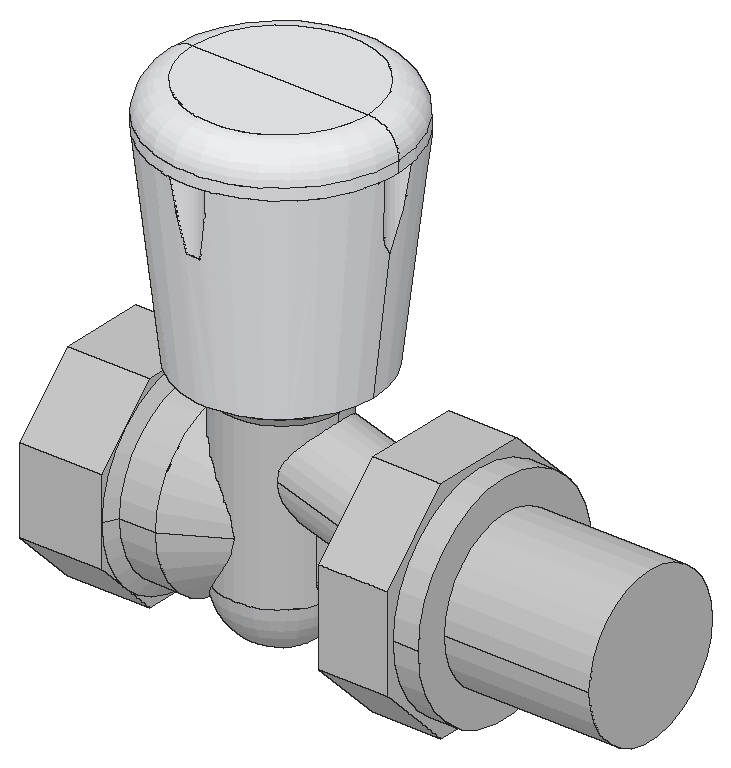
Revit family "PA_Арматура трубопроводов [клапан регулирующий прямой, VT.018.N]1 - VALTEC", category Арматура трубопроводов, Revit 2018
Family settings
  Размер круглого соединителя = Использовать диаметр
  Тип детали = Вставляется
  На основе рабочей плоскости = Нет
  Всегда вертикально = Да
  При загрузке вырезать с полостями = Нет
  Общий = Нет
Parameters (values of type "VT.018.N")
  Таблица 2 = "PA_Арматура трубопроводов [клапан регулирующий прямой, VT.018.N] - VALTEC - Таблица 2"  # constant formula
  Таблица 1 = "PA_Арматура трубопроводов [клапан регулирующий прямой, VT.018.N] - VALTEC - Таблица 1"  # constant formula
  Материал доп.1 = Пластик белый - VALTEC
  Изготовитель = "VALTEC"  # constant formula
  d9 [instance] = size_lookup(Таблица 1, "d9", 0 mm, d)  # 15.2 mm
  d8 [instance] = size_lookup(Таблица 1, "d8", 0 mm, d)  # 20.1 mm
  d7 [instance] = size_lookup(Таблица 1, "d7", 0 mm, d)  # 28.4 mm
  d6 [instance] = size_lookup(Таблица 1, "d6", 0 mm, d)  # 30 mm
  d11 [instance] = size_lookup(Таблица 1, "d11", 0 mm, d)  # 12.4 mm
  d10 [instance] = size_lookup(Таблица 1, "d10", 0 mm, d)  # 17.4 mm
  b4 [instance] = size_lookup(Таблица 1, "b4", 0 mm, d)  # 2.1 mm
  b3 [instance] = size_lookup(Таблица 1, "b3", 0 mm, d)  # 1.3 mm
  a9 [instance] = size_lookup(Таблица 1, "a9", 0 mm, d)  # 3.4 mm
  a8 [instance] = size_lookup(Таблица 1, "a8", 0 mm, d)  # 9 mm
  a7 [instance] = size_lookup(Таблица 1, "a7", 0 mm, d)  # 1 mm
  a6 [instance] = size_lookup(Таблица 1, "a6", 0 mm, d)  # 5.4 mm
  a5 [instance] = size_lookup(Таблица 1, "a5", 0 mm, d)  # 10.6 mm
  a4 [instance] = size_lookup(Таблица 1, "a4", 0 mm, d)  # 7.1 mm
  b2 [instance] = size_lookup(Таблица 1, "b2", 0 mm, d)  # 14.2 mm
  d5 [instance] = size_lookup(Таблица 1, "d5", 0 mm, d)  # 23.4 mm
  d4 [instance] = size_lookup(Таблица 1, "d4", 0 mm, d)  # 2.8 mm
  d3 [instance] = size_lookup(Таблица 1, "d3", 0 mm, d)  # 15.1 mm
  d2 [instance] = size_lookup(Таблица 1, "d2", 0 mm, d)  # 23.4 mm
  d1 [instance] = size_lookup(Таблица 1, "d1", 0 mm, d)  # 26.9 mm
  d [instance] = 15 mm
  b1 [instance] = size_lookup(Таблица 1, "b1", 0 mm, d)  # 7.6 mm
  a3 [instance] = size_lookup(Таблица 1, "a3", 0 mm, d)  # 4.8 mm
  a2 [instance] = size_lookup(Таблица 1, "a2", 0 mm, d)  # 0.9 mm
  a11 [instance] = size_lookup(Таблица 1, "a11", 0 mm, d)  # 15.2 mm
  a10 [instance] = size_lookup(Таблица 1, "a10", 0 mm, d)  # 3.9 mm
  a1 [instance] = size_lookup(Таблица 1, "a1", 0 mm, d)  # 10.7 mm
  URL = "https://valtec.ru/"
  ADSK_Расход жидкости [instance] = 0.0 L/s
  ADSK_Примечание [instance] = ""
  ADSK_Потеря давления жидкости [instance] = 0.0 Pa
  ADSK_Позиция [instance] = ""
  ADSK_Обозначение [instance] = "VT.018.N"  # constant formula
  ADSK_Наименование [instance] = size_lookup(Таблица 1, "", "Данный типоразмер отсутствует", d)  # "Клапан регулирующий прямой, 1/2\""
  ADSK_Материал = Сталь, нержавеющая - VALTEC
  ADSK_Масса [instance] = if(d = 15 mm, 0.209, 0)  # 0.209
  ADSK_Марка [instance] = size_lookup(Таблица 2, "", "Данный типоразмер отсутствует", d)  # "VT.018.N.04"
  ADSK_Код изделия [instance] = size_lookup(Таблица 2, "", "Данный типоразмер отсутствует", d)  # "VT.018.N.04"
  ADSK_Завод-изготовитель [instance] = Изготовитель  # "VALTEC"
  ADSK_Единица измерения [instance] = "шт."  # constant formula
  ADSK_URL страницы изделия = "https://valtec.ru/catalog/radiatornaya_armatura/ruchnye_klapany_dlya_radiatorov/klapan_reguliruyushij_pryamoj_vt018n.html"
  ADSK_URL документации изделия = "https://valtec.ru/document/technical/VT.017-018-0117.pdf"
  3434 [instance] = 17.00°
Reference planes
  plane 1 "По центру (Вперед/Назад)": y = 0
  plane 2: z = 0
  plane 3 "По центру (Влево/Вправо)": x = 0
  plane 4: x = 10.6
  plane 5: z = 50
  plane 6: z = -15
  plane 7: x = 16
  plane 8: x = 17
  plane 9: x = 26
  plane 10: x = 29.4
  plane 11: x = 33.3
  plane 12: y = 50
  plane 13: x = -12.8
  plane 14: x = -23.5
  plane 15: x = -11.9
  plane 16: x = -7.1
  plane 17: x = 48.5
  plane 18: z = -7.6
  plane 19: z = 14.2
  plane 20: z = 15.5
  plane 21: z = 17.6
  plane 22: x = -7.6
  plane 23: x = 7.6
  plane 24: y = 3
  plane 25: y = -3
  plane 26: z = 3.79
Forms (mm)
  Blend 1, solid, material "Сталь, нержавеющая - VALTEC" <- "ADSK_Материал", detail levels medium+fine
    base sketch origin (0, 0, 0) x (0, 1, 0) y (0, 0, 1)
      loop
        circle (0, 0) r 13.45
    top sketch origin (0, 0, 0) x (0, 1, 0) y (0, 0, 1)
      loop
        circle (0, 0) r 11.7
    from -12.8 to -11.9
  Extrusion 2, solid, material "Сталь, нержавеющая - VALTEC" <- "ADSK_Материал", detail levels medium+fine
    sketch origin (0, 0, 0) x (0, 1, 0) y (0, 0, 1)
      loop
        circle (0, 0) r 11.7
    from -7.1 to -11.9
  Blend 3, solid, material "Сталь, нержавеющая - VALTEC" <- "ADSK_Материал", detail levels medium+fine
    base sketch origin (0, 0, 0) x (0, 1, 0) y (0, 0, 1)
      loop
        circle (0, 0) r 11.7
    top sketch origin (0, 0, 0) x (0, 1, 0) y (0, 0, 1)
      loop
        circle (0, 0) r 7.55
    from -7.1 to 0
  Blend 4, solid, material "Сталь, нержавеющая - VALTEC" <- "ADSK_Материал", detail levels medium+fine
    base sketch origin (0, 0, 0) x (0, 1, 0) y (0, 0, 1)
      loop
        circle (0, 0) r 1.4
    top sketch origin (0, 0, 0) x (0, 1, 0) y (0, 0, 1)
      loop
        circle (0, 0) r 11.7
    from 10.6 to 16
  Extrusion 5, solid, material "Сталь, нержавеющая - VALTEC" <- "ADSK_Материал", detail levels medium+fine
    sketch origin (0, 0, 0) x (0, 1, 0) y (0, 0, 1)
      loop
        circle (0, 0) r 11.7
    from 16 to 17
  Extrusion 6, solid, material "Сталь, нержавеющая - VALTEC" <- "ADSK_Материал", detail levels medium+fine
    sketch origin (0, 0, 0) x (0, 1, 0) y (0, 0, 1)
      loop
        circle (0, 0) r 14.2
    from 26 to 29.4
  Extrusion 7, solid, material "Сталь, нержавеющая - VALTEC" <- "ADSK_Материал", detail levels medium+fine
    sketch origin (0, 0, 0) x (0, 1, 0) y (0, 0, 1)
      loop
        circle (0, 0) r 10.05
    from 29.4 to 48.5
  Blend 8, solid, material "Сталь, нержавеющая - VALTEC" <- "ADSK_Материал", detail levels medium+fine
    base sketch origin (0, 0, 0) x (1, 0, 0) y (0, 1, 0)
      loop
        circle (0, 0) r 7.6
    top sketch origin (0, 0, 0) x (1, 0, 0) y (0, 1, 0)
      loop
        circle (0, 0) r 8.7
    from 14.2 to 15.5
  Extrusion 9, solid, material "Сталь, нержавеющая - VALTEC" <- "ADSK_Материал", detail levels medium+fine
    sketch origin (0, 0, 0) x (1, 0, 0) y (0, 1, 0)
      loop
        circle (0, 0) r 8.7
    from 15.5 to 17.6
  Revolve 10, solid, material "Сталь, нержавеющая - VALTEC" <- "ADSK_Материал", detail levels medium+fine
    sketch origin (0, 0, 0) x (1, 0, 0) y (0, 0, 1)
      loop
        arc (-7.6, -7.4) -> (-5.374, -12.774) -> (0, -15) r 7.6
        line (0, -15) -> (0, 14.2) -> (-7.6, 14.2) -> (-7.6, -7.4)
      axis (0, 14.2) -> (0, -15)
    angle from 0 to 360
  Extrusion 11, solid, material "Сталь, нержавеющая - VALTEC" <- "ADSK_Материал", detail levels medium+fine
    sketch origin (0, 0, 0) x (0, 1, 0) y (0, 0, 1)
      loop
        line (3, -4.579) -> (3, 3.79) -> (-3, 3.79) -> (-3, -4.579)
        arc (-3, -4.579) -> (0, -7.579) -> (3, -4.579) r 3
    from 0 to 16
  Extrusion 12, solid, material "Сталь, нержавеющая - VALTEC" <- "ADSK_Материал", detail levels medium+fine
    sketch origin (-36.676, 0, 20.201) x (0, -1, 0) y (0.292372, 0, 0.956305)
      loop
        circle (0, 0) r 6.2
    from -53.897 to -42.3
Cuts and joins
  joined: Blend 1, Extrusion 2, Blend 3, Blend 4, Extrusion 5, Extrusion 6, Extrusion 7, Blend 8, Extrusion 9, Revolve 10, Extrusion 11, Extrusion 12
Lines and regions (mm)
  reference lines
    curve 1: line (-23.5, 0, 0) -> (33.3, 0, 0)
  symbolic lines, detail levels coarse
    curve 2: line (-23.5, 0, 15) -> (33.3, 0, -15)
    curve 3: line (33.3, 0, 15) -> (-23.5, 0, -15)
    curve 4: line (4.9, 0, 0) -> (4.9, 0, 50)
    curve 5: line (4.9, 0, 0) -> (-5.1, 0, 17.321)
    curve 6: line (4.9, 0, 0) -> (14.9, 0, 17.321)
    curve 7: line (-23.5, 0, -15) -> (-23.5, 0, 15)
    curve 8: line (33.3, 0, -15) -> (33.3, 0, 15)
  model lines, detail levels coarse
    curve 9: line (-23.5, -15, 0) -> (-23.5, 15, 0)
    curve 10: line (33.3, -15, 0) -> (33.3, 15, 0)
    curve 11: line (33.3, -15, 0) -> (-23.5, 15, 0)
    curve 12: line (33.3, 15, 0) -> (-23.5, -15, 0)
    curve 13: line (4.9, 0, 0) -> (4.9, 50, 0)
    curve 14: line (4.9, 0, 0) -> (-5.1, 17.321, 0)
    curve 15: line (4.9, 0, 0) -> (14.9, 17.321, 0)
  model lines
    curve 16: line (33.3, 0, 0) -> (48.5, 0, 0)
Dimensions and locks
  locked: plane 1 "По центру (Вперед/Назад)" to plane 12 at 50
  locked: plane 2 to plane 6 at 15
  locked: plane 5 to plane 2 at 50
  "a4": plane 3 "По центру (Влево/Вправо)" to plane 16
  "a3": plane 15 to plane 16
  "a2": plane 13 to plane 15
  "a1": plane 14 to plane 13
  "a5": plane 4 to plane 3 "По центру (Влево/Вправо)"
  "a6": plane 7 to plane 4
  "a7": plane 8 to plane 7
  "a8": plane 9 to plane 8
  "a9": plane 10 to plane 9
  "a10": plane 11 to plane 10
  "a11": plane 17 to plane 11
  "b1": plane 2 to plane 18
  "b2": plane 19 to plane 2
  "b3": plane 20 to plane 19
  "b4": plane 21 to plane 20
  equal spacing: plane 23, plane 3 "По центру (Влево/Вправо)", plane 22
  "d9": plane 23 to plane 22
  locked: plane 24 to plane 1 "По центру (Вперед/Назад)" at 3
  locked: plane 25 to plane 1 "По центру (Вперед/Назад)" at 3
  locked: plane 26 to plane 2 at 3.79
  curve 7 to level to curve 7 = 15 mm locked, 15 mm locked
  curve 8 to level to curve 8 = 15 mm locked, 15 mm locked
  curve 9 to plane 1 "По центру (Вперед/Назад)" to curve 9 = 15 mm locked, 15 mm locked
  curve 10 to plane 1 "По центру (Вперед/Назад)" to curve 10 = 15 mm locked, 15 mm locked
  "d1": diameter of Blend 1 sketch curve
  "d2": diameter of Blend 1 sketch curve
  "d2": diameter of Extrusion 2 sketch curve
  "d2": diameter of Blend 3 sketch curve
  "d3": diameter of Blend 3 sketch curve
  "d4": diameter of Blend 4 sketch curve
  "d5": diameter of Blend 4 sketch curve
  "d5": diameter of Extrusion 5 sketch curve
  "d7": diameter of Extrusion 6 sketch curve
  "d8": diameter of Extrusion 7 sketch curve
  "d9": diameter of Blend 8 sketch curve
  "d10": diameter of Blend 8 sketch curve
  "d10": diameter of Extrusion 9 sketch curve
  "d11": diameter of Extrusion 12 sketch curve
  locked: curve 4 to curve 5 (angle 30.00°)
  locked: curve 6 to curve 4 (angle 30.00°)
  locked: curve 13 to curve 14 (angle 30.00°)
  locked: curve 15 to curve 13 (angle 30.00°)
  aligned and locked: level to plane 2
  aligned and locked: level to nested 1
  aligned and locked: nested 1 to plane 1 "По центру (Вперед/Назад)"
  aligned and locked: plane 14 to nested 1
  aligned and locked: level to Blend 1 sketch curve  (x2)
  aligned and locked: plane 1 "По центру (Вперед/Назад)" to Blend 1 sketch curve  (x2)
  aligned and locked: level to Extrusion 2 sketch curve
  aligned and locked: plane 1 "По центру (Вперед/Назад)" to Extrusion 2 sketch curve
  aligned and locked: plane 16 to Extrusion 2
  aligned and locked: plane 13 to Blend 1
  aligned and locked: plane 15 to Extrusion 2
  aligned and locked: Blend 1 to plane 15
  aligned and locked: level to Blend 3 sketch curve
  aligned and locked: plane 1 "По центру (Вперед/Назад)" to Blend 3 sketch curve
  aligned and locked: level to Blend 4 sketch curve  (x2)
  aligned and locked: plane 1 "По центру (Вперед/Назад)" to Blend 4 sketch curve  (x2)
  aligned and locked: Blend 4 to plane 4
  aligned and locked: plane 7 to Blend 4  (x2)
  aligned and locked: plane 16 to Blend 3
  aligned and locked: plane 3 "По центру (Влево/Вправо)" to Blend 3
  aligned and locked: plane 4 to Blend 4
  aligned and locked: level to Extrusion 5 sketch curve
  aligned and locked: plane 1 "По центру (Вперед/Назад)" to Extrusion 5 sketch curve
  aligned and locked: level to Extrusion 6 sketch curve
  aligned and locked: plane 1 "По центру (Вперед/Назад)" to Extrusion 6 sketch curve
  aligned and locked: plane 1 "По центру (Вперед/Назад)" to Extrusion 7 sketch curve
  aligned and locked: level to Extrusion 7 sketch curve
  aligned and locked: Extrusion 5 to plane 7
  aligned and locked: plane 8 to Extrusion 5
  aligned and locked: Extrusion 6 to plane 9
  aligned and locked: plane 10 to Extrusion 6
  aligned and locked: Extrusion 7 to plane 10
  aligned and locked: plane 17 to Extrusion 7
  aligned and locked: level to nested 2
  aligned and locked: nested 2 to plane 8
  aligned and locked: plane 1 "По центру (Вперед/Назад)" to Blend 8 sketch curve  (x2)
  aligned and locked: plane 3 "По центру (Влево/Вправо)" to Blend 8 sketch curve  (x2)
  aligned and locked: Blend 8 to plane 19
  aligned and locked: plane 20 to Blend 8
  aligned and locked: plane 1 "По центру (Вперед/Назад)" to Extrusion 9 sketch curve
  aligned and locked: plane 3 "По центру (Влево/Вправо)" to Extrusion 9 sketch curve
  aligned and locked: Extrusion 9 to plane 20
  aligned and locked: plane 21 to Extrusion 9
  aligned and locked: plane 6 to Revolve 10 sketch curve
  aligned and locked: Revolve 10 sketch curve to plane 3 "По центру (Влево/Вправо)"  (x2)
  aligned and locked: Revolve 10 sketch curve to plane 19
  aligned and locked: plane 22 to Revolve 10 sketch curve
  aligned and locked: Extrusion 11 sketch curve to plane 25
  aligned and locked: Extrusion 11 sketch curve to plane 24
  aligned and locked: Extrusion 11 to plane 3 "По центру (Влево/Вправо)"
  aligned and locked: Extrusion 11 sketch curve to plane 26
  aligned and locked: nested 3 to plane 1 "По центру (Вперед/Назад)"
  aligned and locked: plane 3 "По центру (Влево/Вправо)" to nested 3
  aligned and locked: nested 3 to plane 21
  aligned and locked: plane 11 to curve 1
  aligned and locked: plane 14 to curve 1
  aligned and locked: curve 1 to level
  aligned and locked: plane 5 to curve 4
  aligned and locked: curve 7 to plane 14
  aligned and locked: plane 11 to curve 8
  aligned and locked: curve 9 to plane 14
  aligned and locked: plane 11 to curve 10
  aligned and locked: plane 12 to curve 13
  aligned and locked: plane 11 to curve 16
  aligned and locked: plane 17 to curve 16
  aligned and locked: plane 1 "По центру (Вперед/Назад)" to curve 16
Automatic sketch dimensions
  Blend 3 sketch curve to level = 0 mm
  Blend 3 sketch curve to plane 1 "По центру (Вперед/Назад)" = 0 mm
  Revolve 10 sketch curve to plane 6 = 2199.315 mm
  plane 5 to Revolve 10 sketch curve = 2164.315 mm
  plane 18 to Extrusion 11 sketch curve = 3.021 mm
  Extrusion 12 sketch curve to plane 1 "По центру (Вперед/Назад)" = 0 mm
  curve 6 to level = 0 mm
  curve 5 to level = 0 mm
  plane 1 "По центру (Вперед/Назад)" to curve 14 = 0 mm
  plane 1 "По центру (Вперед/Назад)" to curve 15 = 0 mm
Nested families
  nested 1: "Гайка - горизонталь" at (-18.15, 0, 0) x (1, 0, 0) z (0, 0.9239, 0.3827), ADSK_Материал <- "ADSK_Материал", d <- "d1", l <- "a1", type "Гайка - горизонталь", detail levels medium+fine
    with l 10.7 mm, d 26.9 mm, ADSK_Материал Сталь, нержавеющая - VALTEC
  nested 2: "Гайка - горизонталь" at (21.5, 0, 0) x (1, 0, 0) z (0, 0.9239, 0.3827), ADSK_Материал <- "ADSK_Материал", d <- "d6", l <- "a8", type "Гайка - горизонталь", detail levels medium+fine
    with l 9 mm, d 30 mm, ADSK_Материал Сталь, нержавеющая - VALTEC
  nested 3: "MM_Обобщенные модели [колпачок, VT.017.N) - VALTEC" at (0, 0, 17.6), type "VT.017.N", detail levels medium+fine
Connectors
  piping at (-23.5, 0, 0), diameter 15, driven by "d", driven by "ADSK_Расход жидкости", driven by "ADSK_Потеря давления жидкости"
    settings: on curve 1, index 1, connector inside diameter 609.6 mm, connector length 0 mm, flow factor 0, pipe flow 0.0 L/s, pressure drop 0.0 Pa, fitting loss kfactor 0, connector angle 0.00°, fixture units 0, engagement length 0 mm, angle of deflection 0.00°, flow configuration 0, flow direction 0, fitting loss method 4, system type 29, joint type 0, gender type 0, connector reference index 2, connector utility 0, adjustable connector no, is connector primary yes, connector description ""
  piping at (33.3, 0, 0), diameter 15, driven by "d", driven by "ADSK_Расход жидкости"
    settings: on curve 1, index 2, connector inside diameter 609.6 mm, connector length 0 mm, flow factor 0, pipe flow 0.0 L/s, pressure drop 0.0 Pa, fitting loss kfactor 0, connector angle 0.00°, fixture units 0, engagement length 0 mm, angle of deflection 0.00°, flow configuration 0, flow direction 0, fitting loss method 0, system type 29, joint type 0, gender type 0, connector reference index 1, connector utility 0, adjustable connector no, is connector primary no, connector description ""
Definition of nested family "Гайка - горизонталь"
  Parameters (values of type "Гайка - горизонталь")
    d [instance] = 588.881 mm
    l [instance] = 637.4 mm
    ADSK_Материал [instance] = none
  Reference planes
    plane 1 "По центру (Вперед/Назад)": y = 0
    plane 2: z = 0
    plane 3 "По центру (Влево/Вправо)": x = 0
    plane 4: y = 318.7
    plane 5: y = -318.7
    plane 6: through (0, -912.519, 2972.425) normal (0, -0.9239, -0.3827)
    plane 7: through (0, -1234.338, 2979.956) normal (0, -0.9239, -0.3827)
    plane 8: through (0, -1556.157, 2987.486) normal (0, -0.9239, -0.3827)
    plane 9: through (0, 1234.338, 2979.956) normal (0, -0.9239, 0.3827)
    plane 10: through (0, -2420.114, 1321.144) normal (0, -0.3827, -0.9239)
    plane 11: through (0, -2532.792, 1049.117) normal (0, -0.3827, -0.9239)
    plane 12: through (0, -2645.469, 777.089) normal (0, -0.3827, -0.9239)
    plane 13: through (0, 2420.114, 1321.144) normal (0, -0.3827, 0.9239)
    plane 14: through (0, 2532.792, 1049.117) normal (0, -0.3827, 0.9239)
    plane 15: through (0, 2645.469, 777.089) normal (0, -0.3827, 0.9239)
    plane 16: through (0, 912.519, 2972.425) normal (0, -0.9239, 0.3827)
    plane 17: through (0, 1234.338, 2979.956) normal (0, -0.9239, 0.3827)
    plane 18: through (0, 1556.157, 2987.486) normal (0, -0.9239, 0.3827)
    plane 19: x = 318.7
    plane 20: x = -318.7
  Forms (mm)
    Extrusion 1, solid, material <- "ADSK_Материал"
      sketch origin (0, 0, 0) x (0, 1, 0) y (0, 0, 1)
        loop
          line (0, 318.7) -> (-225.355, 225.355) -> (-318.7, 0) -> (-225.355, -225.355) -> (0, -318.7) -> (225.355, -225.355) -> (318.7, 0) -> (225.355, 225.355) -> (0, 318.7)
      from -318.7 to 318.7
  Lines and regions (mm)
    reference lines
      curve 1: line (0, -112.677, -272.027) -> (0, 112.677, 272.027)
      curve 2: line (0, -272.027, 112.677) -> (0, 272.027, -112.677)
  Dimensions and locks
    equal spacing: plane 4, plane 1 "По центру (Вперед/Назад)", plane 5
    locked: plane 4 to plane 5 at 637.4
    equal spacing: plane 8, plane 7, plane 6
    "d": plane 8 to plane 6
    equal spacing: plane 12, plane 11, plane 10
    "d": plane 12 to plane 10
    equal spacing: plane 15, plane 14, plane 13
    "d": plane 15 to plane 13
    equal spacing: plane 18, plane 17, plane 16
    "d": plane 18 to plane 16
    equal spacing: plane 20, plane 3 "По центру (Влево/Вправо)", plane 19
    "l": plane 20 to plane 19
    aligned and locked: level to plane 2
    aligned and locked: plane 10 to Extrusion 1 sketch curve
    aligned and locked: plane 13 to Extrusion 1 sketch curve
    aligned and locked: plane 16 to Extrusion 1 sketch curve
    aligned and locked: Extrusion 1 sketch curve to plane 8
    aligned and locked: Extrusion 1 sketch curve to plane 12
    aligned and locked: Extrusion 1 sketch curve to plane 15
    aligned and locked: Extrusion 1 sketch curve to plane 18
    aligned and locked: plane 6 to Extrusion 1 sketch curve
    aligned and locked: plane 19 to Extrusion 1
    aligned and locked: plane 20 to Extrusion 1
    aligned and locked: Extrusion 1 to plane 19
    aligned and locked: plane 16 to curve 2
    aligned and locked: plane 18 to curve 2
    aligned and locked: curve 2 to plane 11
    aligned and locked: plane 12 to curve 1
    aligned and locked: plane 10 to curve 1
    aligned and locked: curve 1 to plane 17
Definition of nested family "MM_Обобщенные модели [колпачок, VT.017.N) - VALTEC"
  Parameters (values of type "VT.017.N")
    Manufacturer = ""
    URL = ""
    ADSK_Материал = none
  Reference planes
    plane 1 "По центру (Вперед/Назад)": y = 0
    plane 2: z = 0
    plane 3 "По центру (Влево/Вправо)": x = 0
    plane 4: z = 34.5
    plane 5: y = 5.5
    plane 6: y = -5.5
    plane 7: x = -24.5
    plane 8: z = 27.5
    plane 9: x = 18.75
    plane 10: x = 24.5
    plane 11: x = -18.75
  Forms (mm)
    Revolve 1, solid, material <- "ADSK_Материал"
      sketch origin (0, 0, 0) x (1, 0, 0) y (0, 0, 1)
        loop
          line (-15.5, 27.5) -> (-12.25, 0) -> (0, 0) -> (0, 33) -> (-11.5, 33)
          arc (-11.5, 33) -> (-14.328, 31.828) -> (-15.5, 29) r 4
          line (-15.5, 29) -> (-15.5, 27.5)
        axis (0, 33) -> (0, 0)
      angle from 0 to 360
    Extrusion 2, void
      sketch origin (0, 0, 0) x (1, 0, 0) y (0, 1, 0)
        loop
          line (-2.3, -15.328) -> (-2.3, -16.488) -> (2.3, -16.488) -> (2.3, -15.328)
          arc (2.3, -15.328) -> (0, -14.306) -> (-2.3, -15.328) r 3.098
      from 13.073 to 27.5
    Extrusion 3, void
      sketch origin (0, 0, 0) x (0, -1, 0) y (1, 0, 0)
        loop
          line (-2.3, -15.328) -> (-2.3, -16.488) -> (2.3, -16.488) -> (2.3, -15.328)
          arc (2.3, -15.328) -> (0, -14.306) -> (-2.3, -15.328) r 3.098
      from 13.073 to 27.5
    Extrusion 4, void
      sketch origin (0, 0, 0) x (-1, 0, 0) y (0, -1, 0)
        loop
          line (-2.3, -15.328) -> (-2.3, -16.488) -> (2.3, -16.488) -> (2.3, -15.328)
          arc (2.3, -15.328) -> (0, -14.306) -> (-2.3, -15.328) r 3.098
      from 13.073 to 27.5
    Extrusion 5, void
      sketch origin (0, 0, 0) x (0, 1, 0) y (-1, 0, 0)
        loop
          line (-2.3, -15.328) -> (-2.3, -16.488) -> (2.3, -16.488) -> (2.3, -15.328)
          arc (2.3, -15.328) -> (0, -14.306) -> (-2.3, -15.328) r 3.098
      from 13.073 to 27.5
  Cuts and joins
    Extrusion 2, Extrusion 3, Extrusion 4, Extrusion 5 cuts Revolve 1
  Lines and regions (mm)
    reference lines
      curve 1: line (0, 0, 0) -> (0, 0, 25)
      curve 2: line (0, -12.5, 0) -> (0, 12.5, 0)
      curve 3: line (12.5, 0, 0) -> (-12.5, 0, 0)
  Dimensions and locks
    plane 6 to plane 1 "По центру (Вперед/Назад)" to plane 5 = 5.5 mm locked, 5.5 mm locked
    locked: plane 3 "По центру (Влево/Вправо)" to plane 7 at 24.5
    locked: plane 9 to plane 3 "По центру (Влево/Вправо)" at 18.75
    plane 4 to plane 2 = 34.5 mm
    locked: plane 4 to plane 8 at 7
    locked: plane 3 "По центру (Влево/Вправо)" to plane 10 at 24.5
    locked: plane 11 to plane 3 "По центру (Влево/Вправо)" at 18.75
    aligned and locked: level to plane 2
    aligned and locked: Revolve 1 sketch curve to plane 3 "По центру (Влево/Вправо)"
    aligned and locked: plane 8 to cut or joined group of Revolve 1, Extrusion 2, Extrusion 3, Extrusion 4, Extrusion 5  (x2)
